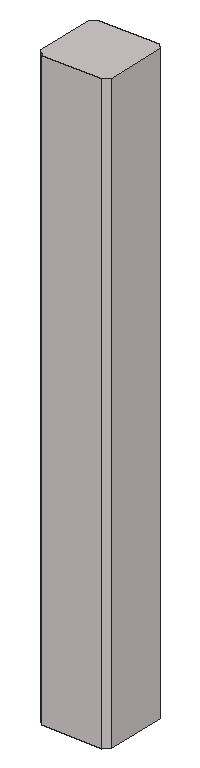
Revit family
Parameters (values of type "300 x 300mm")
  Keynote = "E"
  Column Material [instance] = Concrete - Precast Concrete - 35 MPa
  Chamfer = 25 mm
  b = 300 mm
  h = 300 mm
Types (4, lengths in mm): name | Chamfer | b | h
  (no name) | 25 | 300 | 300
  300 x 300mm | 25 | 300 | 300
  450 x 450mm | 25 | 450 | 450
  600 x 600mm | 40 | 600 | 600
Reference planes
  plane 1 "Center (Front/Back)": y = 0
  plane 2: z = 0
  plane 3 "Center (Left/Right)": x = 0
  plane 4: x = -150
  plane 5: x = 150
  plane 6: y = 150
  plane 7: y = -150
  plane 8: x = -125
  plane 9: y = -125
  plane 10: x = 125
  plane 11: y = 125
Forms (mm)
  Extrusion 1, solid, material "Concrete - Precast Concrete - 35 MPa" <- "Column Material"
    sketch origin (0, 0, 0) x (1, 0, 0) y (0, 1, 0)
      loop
        line (-125, 150) -> (-150, 125) -> (-150, -125) -> (-125, -150) -> (125, -150) -> (150, -125) -> (150, 125) -> (125, 150) -> (-125, 150)
    from 0 to 2500
Dimensions and locks
  equal spacing: plane 4, plane 3 "Center (Left/Right)", plane 5
  equal spacing: plane 7, plane 1 "Center (Front/Back)", plane 6
  "h": plane 7 to plane 6
  "b": plane 4 to plane 5
  "Chamfer": plane 4 to plane 8
  "Chamfer": plane 10 to plane 5
  "Chamfer": plane 11 to plane 6
  "Chamfer": plane 7 to plane 9
  aligned and locked: plane 6 to Extrusion 1 sketch curve
  aligned and locked: Extrusion 1 sketch curve to plane 7
  aligned and locked: Extrusion 1 sketch curve to plane 4
  aligned and locked: plane 5 to Extrusion 1 sketch curve
  aligned and locked: level to Extrusion 1
  aligned and locked: level to plane 2
  aligned and locked: Extrusion 1 to plane 2
Automatic sketch dimensions
  Extrusion 1 sketch curve to plane 8 = 0 mm  (x2)
  Extrusion 1 sketch curve to plane 10 = 0 mm  (x2)
  Extrusion 1 sketch curve to plane 9 = 0 mm  (x2)
  Extrusion 1 sketch curve to plane 11 = 0 mm  (x2)
